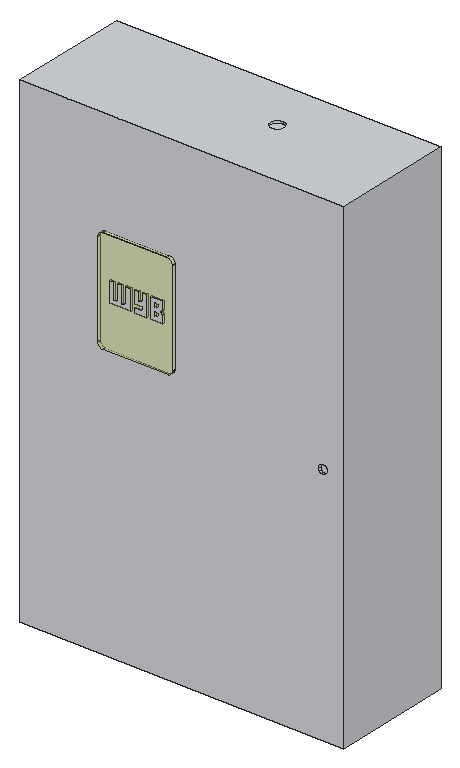
Revit family "ШУВ-С300", category Оборудование, Revit 2020
Family settings
  Размер круглого соединителя = Использовать диаметр
  Классификация = Нет
  Тип детали = Нормальный
  На основе рабочей плоскости = Нет
  Всегда вертикально = Да
  При загрузке вырезать с полостями = Нет
  Общий = Нет
  Точка расчета площади = Нет
Parameters (values of type "ШУВ-М_АВВ_75-110кВт")
  расст замок верт = 600 mm
  Ширина [instance] = 800 mm
  Расст вывода3 от левой стенки = 670 mm
  Расст замок = 750 mm
  Расст вывода2 от левой стенки = 570 mm
  Расст вывода от левой стенки = 470 mm
  Расст вывода от задней стенки = 100 mm
  Расст ПУШ от верхней стенки = 260 mm
  Расст ввод от задней стенки = 130 mm
  Расст ввод от левой стенки = 500 mm
  Расст ПУШ от левой стенки = 200 mm
  Отметка по умолчанию = 0 mm
  Описание = "ШУВ-С300 предназначен для управления одно/трехфазным электродвигателем приточного или вытяжного вентилятора системы противопожарной вентиляции от 0,37 до 200 кВт. Управление осуществляется посредством интегрированного модуля контроля и управления МС322-24, что позволяет использовать шкаф в составе Системы пожарной автоматики и сигнализации «СПРУТ-2», в частности – в составе адресно-аналоговой сигнализации «С300»."
  Назв гориз ПУШ = 120 mm
  Комментарии к типоразмеру = "Ш6/ABB"
  Изготовитель = "ООО \"Плазма-Т\""
  Группа модели = "ШУВ-С300"
  Глубина [instance] = 300 mm
  Высота [instance] = 1200 mm
  URL = "https://plazma-t.ru/"
Types (5, lengths in mm): name | расст замок верт | Ширина | Расст вывода3 от левой стенки | Расст замок | Расст вывода2 от левой стенки | Расст вывода от левой стенки | Расст вывода от задней стенки | Расст ПУШ от верхней стенки | Расст ввод от задней стенки | Расст ввод от левой стенки | Расст ПУШ от левой стенки | Комментарии к типоразмеру | Глубина | Высота
  ШУВ-М_АВВ_0,37-11кВт | 195 | 305 | 210 | 260 | 150 | 90 | 100 | 48 | 100 | 220 | 30 | "Ш1/ABB" | 204 | 405
  ШУВ-М_АВВ_15-37кВт | 350 | 500 | 380 | 450 | 320 | 260 | 125 | 130 | 100 | 315 | 140 | "Ш3/ABB" | 250 | 700
  ШУВ-М_АВВ_45кВт | 400 | 600 | 270 | 550 | 210 | 150 | 125 | 170 | 100 | 355 | 150 | "Ш4/ABB" | 250 | 800
  ШУВ-М_АВВ_55кВт | 400 | 600 | 270 | 550 | 210 | 150 | 100 | 240 | 100 | 355 | 150 | "Ш5/ABB" | 300 | 1000
  ШУВ-М_АВВ_75-110кВт | 600 | 800 | 670 | 750 | 570 | 470 | 100 | 260 | 130 | 500 | 200 | "Ш6/ABB" | 300 | 1200
Reference planes
  plane 1 "По центру (Вперед/Назад)": y = 0
  plane 2: z = 0
  plane 3 "По центру (Влево/Вправо)": x = 0
  plane 4: y = -9
  plane 5 "Текст": y = -9
Forms (mm)
  Extrusion 1, solid
    sketch origin (0, 0, 0) x (1, 0, 0) y (0, 1, 0)
      loop
        line (0, 0) -> (800, 0) -> (800, 300) -> (0, 300) -> (0, 0)
    from 0 to 1200
  Extrusion 2, solid, material "Источник света по умолчанию"
    sketch origin (0, 0, 0) x (1, 0, 0) y (0, 0, 1)
      loop
        arc (213, 940) -> (203.808, 936.192) -> (200, 927) r 13
        line (200, 927) -> (200, 693)
        arc (200, 693) -> (203.808, 683.808) -> (213, 680) r 13
        line (213, 680) -> (371.542, 680)
        arc (371.542, 680) -> (380.734, 683.808) -> (384.542, 693) r 13
        line (384.542, 693) -> (384.542, 927)
        arc (384.542, 927) -> (380.734, 936.192) -> (371.542, 940) r 13
        line (371.542, 940) -> (213, 940)
    from 0 to 9
  Extrusion 3, void
    sketch origin (0, 0, 0) x (1, 0, 0) y (0, 0, 1)
      loop
        circle (750, 600) r 11.5
    from 10 to -5.347
  Extrusion 4, void
    sketch origin (0, 0, 1200) x (0, 1, 0) y (1, 0, 0)
      loop
        circle (170, 500) r 17
    from 0 to 3
  Extrusion 5, void
    sketch origin (0, 0, 0) x (1, 0, 0) y (0, 1, 0)
      loop
        circle (470, 200) r 17
    from 0 to 3
  Extrusion 6, void
    sketch origin (0, 0, 0) x (1, 0, 0) y (0, 1, 0)
      loop
        circle (570, 200) r 17
    from 0 to 3
  Extrusion 7, void
    sketch origin (0, 0, 0) x (1, 0, 0) y (0, 1, 0)
      loop
        circle (670, 200) r 17
    from 0 to 3
  Extrusion 8, solid
    sketch origin (6.165, -9, 682.743) x (0, 0, -1) y (-1, 0, 0)
      loop
        line (-157.257, -223.835) -> (-157.257, -233.835) -> (-117.257, -233.835) -> (-117.257, -243.835) -> (-157.257, -243.835) -> (-157.257, -253.835) -> (-117.257, -253.835) -> (-117.257, -263.835) -> (-157.257, -263.835) -> (-157.257, -273.835) -> (-107.257, -273.835) -> (-107.257, -223.835) -> (-157.257, -223.835)
      loop
        line (-157.257, -283.835) -> (-157.257, -293.835) -> (-137.257, -293.835) -> (-137.257, -303.835) -> (-157.257, -303.835) -> (-157.257, -313.835) -> (-107.257, -313.835) -> (-107.257, -283.835) -> (-117.257, -283.835) -> (-117.257, -303.835) -> (-127.257, -303.835) -> (-127.257, -283.835) -> (-157.257, -283.835)
      loop
        line (-157.257, -323.835) -> (-157.257, -353.835) -> (-137.257, -353.835) -> (-132.257, -348.835) -> (-127.257, -353.835) -> (-107.257, -353.835) -> (-107.257, -323.835) -> (-157.257, -323.835)
      loop
        line (-117.257, -333.835) -> (-127.257, -333.835) -> (-127.257, -343.835) -> (-117.257, -343.835) -> (-117.257, -333.835)
      loop
        line (-147.257, -333.835) -> (-147.257, -343.835) -> (-137.257, -343.835) -> (-137.257, -333.835) -> (-147.257, -333.835)
    from 0 to 3
Cuts and joins
  Extrusion 3, Extrusion 4, Extrusion 5, Extrusion 6, Extrusion 7 cuts Extrusion 1
Dimensions and locks
  "Ширина": Extrusion 1 to Extrusion 1
  "Глубина": Extrusion 1 to Extrusion 1
  "Высота": Extrusion 1 to Extrusion 1
  Extrusion 1 to Extrusion 2 sketch curve = 260 mm
  "Расст ПУШ от верхней стенки": Extrusion 1 to Extrusion 2
  "расст замок верт": Extrusion 1 to Extrusion 3 sketch curve
  "Расст замок": Extrusion 1 to Extrusion 3 sketch curve
  "Расст ввод от левой стенки": Extrusion 4 sketch curve to cut or joined group of Extrusion 1, Extrusion 3, Extrusion 4, Extrusion 5, Extrusion 6, Extrusion 7
  "Расст ввод от задней стенки": cut or joined group of Extrusion 1, Extrusion 3, Extrusion 4, Extrusion 5, Extrusion 6, Extrusion 7 to Extrusion 4 sketch curve
  locked: Extrusion 2 sketch curve to Extrusion 2 sketch curve at 184.542
  locked: Extrusion 2 sketch curve to Extrusion 2 sketch curve at 260
  "Расст ПУШ от левой стенки": cut or joined group of Extrusion 1, Extrusion 3, Extrusion 4, Extrusion 5, Extrusion 6, Extrusion 7 to Extrusion 2 sketch curve
  "Расст вывода от левой стенки": cut or joined group of Extrusion 1, Extrusion 3, Extrusion 4, Extrusion 5, Extrusion 6, Extrusion 7 to Extrusion 5 sketch curve
  "Расст вывода от задней стенки": cut or joined group of Extrusion 1, Extrusion 3, Extrusion 4, Extrusion 5, Extrusion 6, Extrusion 7 to Extrusion 5 sketch curve
  "Расст вывода от задней стенки": cut or joined group of Extrusion 1, Extrusion 3, Extrusion 4, Extrusion 5, Extrusion 6, Extrusion 7 to Extrusion 6 sketch curve
  "Расст вывода2 от левой стенки": cut or joined group of Extrusion 1, Extrusion 3, Extrusion 4, Extrusion 5, Extrusion 6, Extrusion 7 to Extrusion 6 sketch curve
  "Расст вывода от задней стенки": cut or joined group of Extrusion 1, Extrusion 3, Extrusion 4, Extrusion 5, Extrusion 6, Extrusion 7 to Extrusion 7 sketch curve
  "Расст вывода3 от левой стенки": cut or joined group of Extrusion 1, Extrusion 3, Extrusion 4, Extrusion 5, Extrusion 6, Extrusion 7 to Extrusion 7 sketch curve
  cut or joined group of Extrusion 1, Extrusion 3, Extrusion 4, Extrusion 5, Extrusion 6, Extrusion 7 to cut or joined group of Extrusion 1, Extrusion 3, Extrusion 4, Extrusion 5, Extrusion 6, Extrusion 7 = 800 mm
  locked: Extrusion 2 to Extrusion 8 at 160
  locked: Extrusion 2 to Extrusion 8 at 30
  locked: Extrusion 8 to Extrusion 8 at 130
  locked: Extrusion 8 to Extrusion 8 at 50  (x4)
  locked: Extrusion 8 to Extrusion 8 at 90
  locked: Extrusion 8 to Extrusion 8 at 30
  diameter of Extrusion 4 sketch curve = 34 mm
  aligned and locked: level to plane 2
  aligned and locked: Extrusion 1 to level
  aligned and locked: Extrusion 1 to plane 3 "По центру (Влево/Вправо)"
  aligned and locked: plane 1 "По центру (Вперед/Назад)" to Extrusion 1
  aligned and locked: plane 5 "Текст" to Extrusion 2
Automatic sketch dimensions
  plane 3 "По центру (Влево/Вправо)" to Extrusion 1 sketch curve = 0 mm
  plane 1 "По центру (Вперед/Назад)" to Extrusion 1 sketch curve = 0 mm
  plane 3 "По центру (Влево/Вправо)" to Extrusion 1 sketch curve = 800 mm
  Extrusion 1 sketch curve to plane 1 "По центру (Вперед/Назад)" = 300 mm
  plane 3 "По центру (Влево/Вправо)" to Extrusion 8 sketch curve = 230 mm
  level to Extrusion 8 sketch curve = 840 mm
  Extrusion 8 sketch curve to Extrusion 8 sketch curve = 0 mm  (x11)
  Extrusion 8 sketch curve to Extrusion 8 sketch curve = 20 mm  (x2)
  plane 3 "По центру (Влево/Вправо)" to Extrusion 8 sketch curve = 360 mm
  Extrusion 8 sketch curve to Extrusion 8 sketch curve = 10 mm  (x18)
  Extrusion 8 sketch curve to Extrusion 8 sketch curve = 5 mm  (x5)
  Extrusion 8 sketch curve to Extrusion 8 sketch curve = 40 mm
  Extrusion 2 sketch curve to Extrusion 2 sketch curve = 13 mm  (x4)
  radius of Extrusion 3 sketch curve = 11.5 mm
  radius of Extrusion 5 sketch curve = 17 mm
  radius of Extrusion 6 sketch curve = 17 mm
  radius of Extrusion 7 sketch curve = 17 mm
Connectors
  electrical at (500, 170, 1197)
    settings: on cut or joined group of Extrusion 1, Extrusion 3, Extrusion 4, Extrusion 5, Extrusion 6, Extrusion 7, index 1, voltage 0 V, apparent load 0 VA, apparent load phase1 0 VA, apparent load phase2 0 VA, apparent load phase3 0 VA, power factor 1, load classification "Прочее", number of poles 1, system type 30, power factor state 1, is connector primary yes, connector utility no, sub classification motor no, connector description "380V"
  electrical at (470, 200, 3)
    settings: on cut or joined group of Extrusion 1, Extrusion 3, Extrusion 4, Extrusion 5, Extrusion 6, Extrusion 7, index 2, voltage 0 V, apparent load 0 VA, apparent load phase1 0 VA, apparent load phase2 0 VA, apparent load phase3 0 VA, power factor 1, load classification "Прочее", number of poles 1, system type 9, power factor state 1, is connector primary no, connector utility no, sub classification motor no, connector description "вход1"
  electrical at (570, 200, 3)
    settings: on cut or joined group of Extrusion 1, Extrusion 3, Extrusion 4, Extrusion 5, Extrusion 6, Extrusion 7, index 3, voltage 0 V, apparent load 0 VA, apparent load phase1 0 VA, apparent load phase2 0 VA, apparent load phase3 0 VA, power factor 1, load classification "Прочее", number of poles 1, system type 9, power factor state 1, is connector primary no, connector utility no, sub classification motor no, connector description "вход2"
